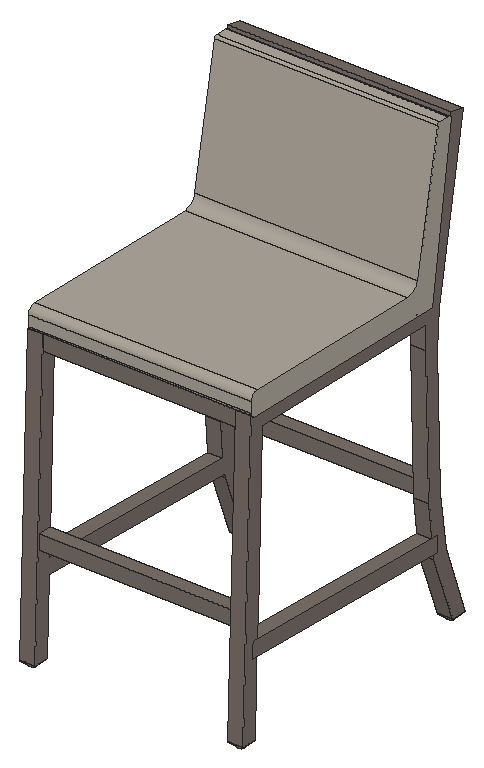
Revit family "FU_Stool_Sandler_Woodlook_4-4", category Furniture, Revit 2020
Family settings
  OmniClass Number = 23.40.20.00
  OmniClass Title = General Furniture and Specialties
  Work Plane-Based = No
  Always vertical = Yes
  Cut with Voids When Loaded = No
  Shared = No
  Room Calculation Point = No
Parameters (values of type "Woodlook 4.4")
  Woodlook = Woodlook - 24A Walnut
  Width = 450 mm
  Upholstery = Woodlook Vinyl - Pumice
  URL = "https://www.sandlerseating.com/product/woodlook-4-4/"
  Model = "Woodlook 4.4"
  Manufacturer = "Sandler"
  Height = 930 mm
  Description = "Woodlook Counter stool with frame manufactured entirely from aluminum but with realistic appearance of wood. Highly durable and scratch resistant."
  Depth = 560 mm
  Default Elevation = 0 mm
Reference planes
  plane 1 "Center (Front/Back)": y = 0
  plane 2: z = 0
  plane 3 "Center (Left/Right)": x = 0
  plane 4 "Right": x = -225
  plane 5 "Left": x = 225
  plane 6 "Back": y = 280
  plane 7 "Front": y = -280
  plane 8 "Height": z = 930
  plane 9 "Seat Frame Height": z = 602
  plane 10 "Back Stretcher Top": z = 282
  plane 11 "Front Stretcher Top": z = 246.018
  plane 12 "Glide Height": z = 9.736
  plane 13 "Front Seat Frame Edge": y = -260
  plane 14 "Side Stretcher Top": z = 190.447
Forms (mm)
  Blend 1, solid, material "Woodlook - 24A Walnut" <- "Woodlook"
    base sketch origin (0, 0, 602) x (-1, 0, 0) y (0, -1, 0)
      loop
        line (225, 280) -> (195, 280) -> (195, 250) -> (225, 250) -> (225, 280)
    top sketch origin (0, 0, 602) x (-1, 0, 0) y (0, -1, 0)
      loop
        line (225, 260) -> (195, 260) -> (195, 230) -> (225, 230) -> (225, 260)
    from -592.264 to 0
  Blend 2, solid, material "Woodlook - 24A Walnut" <- "Woodlook"
    base sketch origin (0, 0, 602) x (1, 0, 0) y (0, 1, 0)
      loop
        line (225, -280) -> (225, -250) -> (195, -250) -> (195, -280) -> (225, -280)
    top sketch origin (0, 0, 602) x (1, 0, 0) y (0, 1, 0)
      loop
        line (225, -260) -> (225, -230) -> (195, -230) -> (195, -260) -> (225, -260)
    from -592.264 to 0
  Extrusion 3, solid, material "Woodlook - 24A Walnut" <- "Woodlook"
    sketch origin (0, 0, 602) x (-1, 0, 0) y (0, -1, 0)
      loop
        line (225, 260) -> (-224.942, 260) -> (-224.942, -215) -> (225, -215) -> (225, 260)
      loop
        line (195, 230) -> (-194.942, 230) -> (-194.942, -185) -> (195, -185) -> (195, 230)
    from 0 to -30
  Extrusion 4, solid, material "Woodlook - 24A Walnut" <- "Woodlook"
    sketch origin (225, 0, 0) x (0, -1, 0) y (0, 0, 1)
      loop
        line (-245.74, 930) -> (-274.965, 924.722) -> (-219.249, 616.207)
        arc (-219.249, 616.207) -> (-212.866, 566.705) -> (-211.501, 516.811) r 495
        line (-211.501, 516.811) -> (-219.023, 249.925)
        arc (-219.023, 249.925) -> (-222.99, 197.135) -> (-232.408, 145.04) r 510
        line (-232.408, 145.04) -> (-280.895, 9.736) -> (-250.119, 9.736) -> (-203.264, 138.096)
        arc (-203.264, 138.096) -> (-193.569, 191.723) -> (-189.485, 246.067) r 525
        line (-189.485, 246.067) -> (-181.659, 526.095)
        arc (-181.659, 526.095) -> (-182.845, 569.437) -> (-188.39, 612.44) r 430
        line (-188.39, 612.44) -> (-245.74, 930)
    from 0 to 30
  Extrusion 5, solid, material "Woodlook - 24A Walnut" <- "Woodlook"
    sketch origin (-225, 0, 0) x (0, -1, 0) y (0, 0, -1)
      loop
        line (-245.74, -930) -> (-188.39, -612.44)
        arc (-188.39, -612.44) -> (-182.845, -569.437) -> (-181.659, -526.095) r 430
        line (-181.659, -526.095) -> (-189.485, -246.067)
        arc (-189.485, -246.067) -> (-193.569, -191.723) -> (-203.264, -138.096) r 525
        line (-203.264, -138.096) -> (-250.119, -9.736) -> (-280.895, -9.736) -> (-232.408, -145.04)
        arc (-232.408, -145.04) -> (-222.99, -197.135) -> (-219.023, -249.925) r 510
        line (-219.023, -249.925) -> (-211.501, -516.811)
        arc (-211.501, -516.811) -> (-212.866, -566.705) -> (-219.249, -616.207) r 495
        line (-219.249, -616.207) -> (-274.965, -924.722) -> (-245.74, -930)
    from 0 to 30
  Extrusion 6, solid, material "Woodlook - 24A Walnut" <- "Woodlook"
    sketch origin (225, 0, 0) x (0, -1, 0) y (0, 0, 1)
      loop
        line (-245.74, 930) -> (-274.965, 924.722) -> (-269.634, 895.2) -> (-240.408, 900.478) -> (-245.74, 930)
    from 0 to 450
  Extrusion 7, solid, material "Woodlook - 24A Walnut" <- "Woodlook"
    sketch origin (-225, 0, -71.051) x (0, -1, 0) y (0, 0, -1)
      loop
        line (253.872, -261.498) -> (253.872, -231.447) -> (-210.947, -218.463) -> (-210.947, -248.515) -> (253.872, -261.498)
    from 0 to 30
  Extrusion 8, solid, material "Woodlook - 24A Walnut" <- "Woodlook"
    sketch origin (225, 0, 0) x (0, -1, 0) y (0, 0, 1)
      loop
        line (-217.783, 282) -> (-217.783, 252) -> (-189.783, 252) -> (-189.783, 282) -> (-217.783, 282)
    from 0 to 450
  Extrusion 9, solid, material "Woodlook - 24A Walnut" <- "Woodlook"
    sketch origin (225, 0, 0) x (0, -1, 0) y (0, 0, 1)
      loop
        line (270.715, 246.018) -> (242.715, 246.018) -> (242.715, 216.018) -> (270.715, 216.018) -> (270.715, 246.018)
    from 0 to 450
  Extrusion 10, solid, material "Woodlook - 24A Walnut" <- "Woodlook"
    sketch origin (0, 0, 602) x (-1, 0, 0) y (0, -1, 0)
      loop
        line (196, 12.284) -> (196, 32.617) -> (-196, 32.617) -> (-196, 12.284) -> (196, 12.284)
    from -30 to -10
  Extrusion 11, solid, material "Woodlook - 24A Walnut" <- "Woodlook"
    sketch origin (225, 0, 0) x (0, -1, 0) y (0, 0, 1)
      loop
        line (253.872, 190.447) -> (-210.947, 177.464) -> (-210.947, 147.412) -> (253.872, 160.396) -> (253.872, 190.447)
    from 0 to 30
  Blend 12, solid, material "Rubber, Black"
    base sketch origin (0, 0, 9.736) x (-1, 0, 0) y (0, -1, 0)
      loop
        line (225, -280.895) -> (225, -250.119) -> (195, -250.119) -> (195, -280.895) -> (225, -280.895)
    top sketch origin (0, 0, 9.736) x (-1, 0, 0) y (0, -1, 0)
      loop
        arc (213.753, -268.998) -> (215.317, -265.512) -> (213.962, -261.939) r 5
        arc (213.962, -261.939) -> (210.385, -260.364) -> (206.768, -261.844) r 5
        arc (206.768, -261.844) -> (205.322, -265.186) -> (206.527, -268.622) r 5
        arc (206.527, -268.622) -> (210.059, -270.357) -> (213.753, -268.998) r 5
    from 0 to -9.736
  Blend 13, solid, material "Rubber, Black"
    base sketch origin (0, 0, 9.736) x (1, 0, 0) y (0, 1, 0)
      loop
        line (225, 280.895) -> (195, 280.895) -> (195, 250.119) -> (225, 250.119) -> (225, 280.895)
    top sketch origin (0, 0, 9.736) x (1, 0, 0) y (0, 1, 0)
      loop
        arc (213.753, 268.998) -> (210.059, 270.357) -> (206.527, 268.622) r 5
        arc (206.527, 268.622) -> (205.322, 265.186) -> (206.768, 261.844) r 5
        arc (206.768, 261.844) -> (210.385, 260.364) -> (213.962, 261.939) r 5
        arc (213.962, 261.939) -> (215.317, 265.512) -> (213.753, 268.998) r 5
    from 0 to -9.736
  Blend 14, solid, material "Rubber, Black"
    base sketch origin (0, 0.895, 9.736) x (1, 0, 0) y (0, 1, 0)
      loop
        line (225, -280.895) -> (225, -250.119) -> (195, -250.119) -> (195, -280.895) -> (225, -280.895)
    top sketch origin (0, 0.895, 9.736) x (1, 0, 0) y (0, 1, 0)
      loop
        arc (213.753, -268.998) -> (215.317, -265.512) -> (213.962, -261.939) r 5
        arc (213.962, -261.939) -> (210.385, -260.364) -> (206.768, -261.844) r 5
        arc (206.768, -261.844) -> (205.322, -265.186) -> (206.527, -268.622) r 5
        arc (206.527, -268.622) -> (210.059, -270.357) -> (213.753, -268.998) r 5
    from 0 to -9.736
  Blend 15, solid, material "Rubber, Black"
    base sketch origin (0, 0.895, 9.736) x (-1, 0, 0) y (0, -1, 0)
      loop
        line (225, 280.895) -> (195, 280.895) -> (195, 250.119) -> (225, 250.119) -> (225, 280.895)
    top sketch origin (0, 0.895, 9.736) x (-1, 0, 0) y (0, -1, 0)
      loop
        arc (213.753, 268.998) -> (210.059, 270.357) -> (206.527, 268.622) r 5
        arc (206.527, 268.622) -> (205.322, 265.186) -> (206.768, 261.844) r 5
        arc (206.768, 261.844) -> (210.385, 260.364) -> (213.962, 261.939) r 5
        arc (213.962, 261.939) -> (215.317, 265.512) -> (213.753, 268.998) r 5
    from 0 to -9.736
Cuts and joins
  joined: Blend 1, Blend 2, Extrusion 3, Extrusion 4, Extrusion 5, Extrusion 6, Extrusion 7, Extrusion 8, Extrusion 9, Extrusion 10
Dimensions and locks
  equal spacing: plane 4 "Right", plane 3 "Center (Left/Right)", plane 5 "Left"
  "Width": plane 4 "Right" to plane 5 "Left"
  equal spacing: plane 6 "Back", plane 1 "Center (Front/Back)", plane 7 "Front"
  "Depth": plane 6 "Back" to plane 7 "Front"
  "Height": plane 8 "Height" to level
  locked: plane 8 "Height" to plane 9 "Seat Frame Height" at 328
  plane 10 "Back Stretcher Top" to plane 11 "Front Stretcher Top" to plane 14 "Side Stretcher Top" = 35.982 mm locked, 55.57 mm locked
  plane 10 "Back Stretcher Top" to level = 282 mm
  aligned and locked: level to plane 2
  aligned and locked: Blend 1 to plane 12 "Glide Height"
  aligned and locked: plane 9 "Seat Frame Height" to Blend 1
  aligned and locked: Extrusion 3 to plane 9 "Seat Frame Height"  (x2)
  aligned and locked: Blend 2 to plane 12 "Glide Height"
  aligned and locked: plane 9 "Seat Frame Height" to Blend 2
  aligned and locked: Blend 1 to plane 9 "Seat Frame Height"
  aligned and locked: Extrusion 4 to plane 5 "Left"
  aligned and locked: plane 4 "Right" to Blend 1
  aligned and locked: plane 4 "Right" to Extrusion 5
  aligned and locked: plane 5 "Left" to Extrusion 4
  aligned and locked: Blend 2 to plane 5 "Left"
  aligned and locked: Extrusion 6 to plane 5 "Left"
  aligned and locked: plane 4 "Right" to Extrusion 6
  aligned and locked: plane 4 "Right" to Extrusion 7
  aligned and locked: plane 14 "Side Stretcher Top" to Extrusion 7
  aligned and locked: plane 10 "Back Stretcher Top" to Extrusion 8
  aligned and locked: plane 11 "Front Stretcher Top" to Extrusion 9
  aligned and locked: plane 4 "Right" to Extrusion 8
  aligned and locked: plane 4 "Right" to Extrusion 9
  aligned and locked: Extrusion 9 to plane 5 "Left"
  aligned and locked: Extrusion 8 to plane 5 "Left"
Automatic sketch dimensions
  Blend 1 sketch curve to plane 7 "Front" = 0 mm
  Blend 1 sketch curve to plane 4 "Right" = 0 mm  (x2)
  Blend 1 sketch curve to plane 13 "Front Seat Frame Edge" = 10 mm
  Blend 1 sketch curve to plane 4 "Right" = 30 mm  (x2)
  plane 13 "Front Seat Frame Edge" to Blend 1 sketch curve = 0 mm
  Blend 1 sketch curve to Blend 1 sketch curve = 30 mm
  Blend 2 sketch curve to plane 7 "Front" = 0 mm
  Blend 2 sketch curve to plane 5 "Left" = 0 mm  (x2)
  plane 13 "Front Seat Frame Edge" to Blend 2 sketch curve = 10 mm
  Blend 2 sketch curve to plane 5 "Left" = 30 mm  (x2)
  plane 13 "Front Seat Frame Edge" to Blend 2 sketch curve = 0 mm
  Blend 2 sketch curve to Blend 2 sketch curve = 30 mm
  plane 13 "Front Seat Frame Edge" to Extrusion 3 sketch curve = 0 mm
  Extrusion 3 sketch curve to plane 4 "Right" = 0 mm
  Extrusion 3 sketch curve to plane 4 "Right" = 30 mm
  plane 5 "Left" to Extrusion 3 sketch curve = 30.058 mm
  plane 5 "Left" to Extrusion 3 sketch curve = 0.058 mm
  Extrusion 3 sketch curve to plane 13 "Front Seat Frame Edge" = 30 mm
  Extrusion 3 sketch curve to plane 6 "Back" = 95 mm
  Extrusion 3 sketch curve to Extrusion 3 sketch curve = 30 mm
  Extrusion 4 sketch curve to plane 12 "Glide Height" = 0 mm
  Extrusion 4 sketch curve to plane 8 "Height" = 0 mm
  plane 11 "Front Stretcher Top" to Extrusion 4 sketch curve = 15.679 mm
  plane 6 "Back" to Extrusion 4 sketch curve = 448.887 mm
  Extrusion 4 sketch curve to Extrusion 4 sketch curve = 14.542 mm
  Extrusion 4 sketch curve to plane 9 "Seat Frame Height" = 73.765 mm
  Extrusion 4 sketch curve to Extrusion 4 sketch curve = 22.518 mm
  Extrusion 4 sketch curve to Extrusion 4 sketch curve = 94.824 mm
  plane 6 "Back" to Extrusion 4 sketch curve = 0.895 mm
  Extrusion 4 sketch curve to plane 6 "Back" = 5.035 mm
  Extrusion 4 sketch curve to plane 6 "Back" = 29.881 mm
  Extrusion 4 sketch curve to Extrusion 4 sketch curve = 29.225 mm
  Extrusion 4 sketch curve to plane 6 "Back" = 47.592 mm
  plane 9 "Seat Frame Height" to Extrusion 4 sketch curve = 14.207 mm
  Extrusion 4 sketch curve to plane 6 "Back" = 60.751 mm
  plane 11 "Front Stretcher Top" to Extrusion 4 sketch curve = 3.908 mm
  Extrusion 4 sketch curve to Extrusion 4 sketch curve = 13.385 mm
  Extrusion 4 sketch curve to plane 6 "Back" = 68.499 mm
  Extrusion 4 sketch curve to Extrusion 4 sketch curve = 29.144 mm
  plane 11 "Front Stretcher Top" to Extrusion 4 sketch curve = 0.049 mm
  Extrusion 4 sketch curve to Extrusion 4 sketch curve = 29.538 mm
  plane 9 "Seat Frame Height" to Extrusion 4 sketch curve = 10.44 mm
  Extrusion 4 sketch curve to plane 9 "Seat Frame Height" = 75.905 mm
  Extrusion 4 sketch curve to Extrusion 4 sketch curve = 29.841 mm
  Extrusion 4 sketch curve to Extrusion 4 sketch curve = 6.944 mm
  Extrusion 5 sketch curve to plane 12 "Glide Height" = 0 mm
  Extrusion 5 sketch curve to plane 8 "Height" = 0 mm
  plane 11 "Front Stretcher Top" to Extrusion 5 sketch curve = 15.679 mm
  plane 6 "Back" to Extrusion 5 sketch curve = 448.887 mm
  Extrusion 5 sketch curve to Extrusion 5 sketch curve = 14.542 mm
  Extrusion 5 sketch curve to plane 9 "Seat Frame Height" = 73.765 mm
  Extrusion 5 sketch curve to Extrusion 5 sketch curve = 22.518 mm
  Extrusion 5 sketch curve to Extrusion 5 sketch curve = 94.824 mm
  plane 6 "Back" to Extrusion 5 sketch curve = 0.895 mm
  Extrusion 5 sketch curve to plane 6 "Back" = 5.035 mm
  Extrusion 5 sketch curve to plane 6 "Back" = 29.881 mm
  Extrusion 5 sketch curve to Extrusion 5 sketch curve = 29.225 mm
  Extrusion 5 sketch curve to plane 6 "Back" = 47.592 mm
  plane 9 "Seat Frame Height" to Extrusion 5 sketch curve = 14.207 mm
  Extrusion 5 sketch curve to plane 6 "Back" = 60.751 mm
  plane 11 "Front Stretcher Top" to Extrusion 5 sketch curve = 3.908 mm
  Extrusion 5 sketch curve to Extrusion 5 sketch curve = 13.385 mm
  Extrusion 5 sketch curve to plane 6 "Back" = 68.499 mm
  Extrusion 5 sketch curve to Extrusion 5 sketch curve = 29.144 mm
  plane 11 "Front Stretcher Top" to Extrusion 5 sketch curve = 0.049 mm
  Extrusion 5 sketch curve to Extrusion 5 sketch curve = 29.538 mm
  plane 9 "Seat Frame Height" to Extrusion 5 sketch curve = 10.44 mm
  Extrusion 5 sketch curve to plane 9 "Seat Frame Height" = 75.905 mm
  Extrusion 5 sketch curve to Extrusion 5 sketch curve = 29.841 mm
  plane 11 "Front Stretcher Top" to Extrusion 5 sketch curve = 12.166 mm
  Extrusion 6 sketch curve to plane 8 "Height" = 0 mm
  Extrusion 6 sketch curve to plane 6 "Back" = 5.035 mm
  Extrusion 6 sketch curve to plane 6 "Back" = 10.366 mm
  Extrusion 6 sketch curve to Extrusion 6 sketch curve = 29.225 mm
  Extrusion 6 sketch curve to plane 8 "Height" = 5.278 mm
  Extrusion 7 sketch curve to plane 14 "Side Stretcher Top" = 0 mm
  Extrusion 7 sketch curve to plane 14 "Side Stretcher Top" = 12.984 mm
  Extrusion 7 sketch curve to plane 6 "Back" = 69.053 mm
  Extrusion 7 sketch curve to plane 13 "Front Seat Frame Edge" = 6.128 mm
  Extrusion 7 sketch curve to Extrusion 7 sketch curve = 30.051 mm  (x2)
  Extrusion 8 sketch curve to plane 10 "Back Stretcher Top" = 0 mm
  plane 11 "Front Stretcher Top" to Extrusion 8 sketch curve = 5.982 mm
  Extrusion 8 sketch curve to plane 6 "Back" = 62.217 mm
  Extrusion 8 sketch curve to Extrusion 8 sketch curve = 28 mm
  Extrusion 9 sketch curve to plane 11 "Front Stretcher Top" = 0 mm
  Extrusion 9 sketch curve to plane 13 "Front Seat Frame Edge" = 17.285 mm
  plane 7 "Front" to Extrusion 9 sketch curve = 9.285 mm
  plane 14 "Side Stretcher Top" to Extrusion 9 sketch curve = 25.57 mm
  plane 1 "Center (Front/Back)" to Extrusion 10 sketch curve = 12.284 mm
  plane 5 "Left" to Extrusion 10 sketch curve = 29 mm
  Extrusion 10 sketch curve to plane 4 "Right" = 29 mm
  Extrusion 10 sketch curve to Extrusion 10 sketch curve = 20.333 mm
  Extrusion 11 sketch curve to plane 14 "Side Stretcher Top" = 0 mm
  Extrusion 11 sketch curve to plane 14 "Side Stretcher Top" = 12.984 mm
  Extrusion 11 sketch curve to plane 6 "Back" = 69.053 mm
  Extrusion 11 sketch curve to plane 13 "Front Seat Frame Edge" = 6.128 mm
  Extrusion 11 sketch curve to plane 14 "Side Stretcher Top" = 30.051 mm
  Extrusion 11 sketch curve to Extrusion 11 sketch curve = 30.051 mm
  Blend 12 sketch curve to plane 4 "Right" = 0 mm
  Blend 12 sketch curve to plane 4 "Right" = 30 mm
  plane 6 "Back" to Blend 12 sketch curve = 0.895 mm
  Blend 12 sketch curve to plane 6 "Back" = 29.881 mm
  Blend 12 sketch curve to Blend 12 sketch curve = 0 mm  (x12)
  Blend 12 sketch curve to plane 4 "Right" = 14.681 mm
  Blend 12 sketch curve to plane 6 "Back" = 14.636 mm
  Blend 12 sketch curve to Blend 12 sketch curve = 3.551 mm
  Blend 12 sketch curve to Blend 12 sketch curve = 3.793 mm
  Blend 12 sketch curve to Blend 12 sketch curve = 3.434 mm
  Blend 12 sketch curve to Blend 12 sketch curve = 3.643 mm
  Blend 12 sketch curve to Blend 12 sketch curve = 3.258 mm
  Blend 13 sketch curve to plane 5 "Left" = 0 mm
  Blend 13 sketch curve to plane 5 "Left" = 30 mm
  Blend 13 sketch curve to plane 6 "Back" = 0.895 mm
  plane 6 "Back" to Blend 13 sketch curve = 29.881 mm
  Blend 13 sketch curve to Blend 13 sketch curve = 0 mm  (x12)
  Blend 13 sketch curve to plane 5 "Left" = 14.681 mm
  plane 6 "Back" to Blend 13 sketch curve = 14.636 mm
  Blend 13 sketch curve to Blend 13 sketch curve = 3.551 mm
  Blend 13 sketch curve to Blend 13 sketch curve = 3.793 mm
  Blend 13 sketch curve to Blend 13 sketch curve = 3.434 mm
  Blend 13 sketch curve to Blend 13 sketch curve = 3.643 mm
  Blend 13 sketch curve to Blend 13 sketch curve = 3.258 mm
  Blend 14 sketch curve to plane 7 "Front" = 0 mm
  Blend 14 sketch curve to plane 5 "Left" = 0 mm
  Blend 14 sketch curve to plane 13 "Front Seat Frame Edge" = 10.776 mm
  plane 5 "Left" to Blend 14 sketch curve = 30 mm
  Blend 14 sketch curve to Blend 14 sketch curve = 0 mm  (x12)
  plane 13 "Front Seat Frame Edge" to Blend 14 sketch curve = 4.469 mm
  plane 5 "Left" to Blend 14 sketch curve = 14.681 mm
  plane 13 "Front Seat Frame Edge" to Blend 14 sketch curve = 0.949 mm
  Blend 14 sketch curve to Blend 14 sketch curve = 3.551 mm
  Blend 14 sketch curve to Blend 14 sketch curve = 3.793 mm
  Blend 14 sketch curve to Blend 14 sketch curve = 3.434 mm
  plane 13 "Front Seat Frame Edge" to Blend 14 sketch curve = 1.044 mm
  Blend 15 sketch curve to plane 7 "Front" = 0 mm
  Blend 15 sketch curve to plane 4 "Right" = 0 mm
  plane 13 "Front Seat Frame Edge" to Blend 15 sketch curve = 10.776 mm
  plane 4 "Right" to Blend 15 sketch curve = 30 mm
  Blend 15 sketch curve to Blend 15 sketch curve = 0 mm  (x12)
  Blend 15 sketch curve to plane 13 "Front Seat Frame Edge" = 4.469 mm
  plane 4 "Right" to Blend 15 sketch curve = 14.681 mm
  Blend 15 sketch curve to plane 13 "Front Seat Frame Edge" = 0.949 mm
  Blend 15 sketch curve to Blend 15 sketch curve = 3.551 mm
  Blend 15 sketch curve to Blend 15 sketch curve = 3.793 mm
  Blend 15 sketch curve to Blend 15 sketch curve = 3.434 mm
  Blend 15 sketch curve to plane 13 "Front Seat Frame Edge" = 1.044 mm
Nested families
  nested 1: "BC-2A39_seat" at (0, 0, 596), Upholstery <- "Upholstery", type "BC-2A39_seat"
    with Upholstery Woodlook Vinyl - Pumice
Definition of nested family "BC-2A39_seat"
  Parameters (values of type "BC-2A39_seat")
    Width = 450 mm
    Upholstery [instance] = none
    Height = 328 mm
    Depth = 555 mm
    Default Elevation = 0 mm
  Reference planes
    plane 1 "Center (Front/Back)": y = 0
    plane 2: z = 0
    plane 3 "Center (Left/Right)": x = 0
    plane 4 "Right": x = -225
    plane 5 "Left": x = 225
    plane 6 "Back": y = 277.5
    plane 7 "Front": y = -277.5
    plane 8: z = 328
    plane 9: through (4267.2, 247.454, 327.693) normal (0, 0.989, -0.1478)
    plane 10: y = -257.5
  Forms (mm)
    Extrusion 1, solid, material <- "Upholstery"
      sketch origin (0, 0, -420.284) x (0, 1, 0) y (0, 0, 1)
        loop
          line (198.48, 420.284) -> (246.471, 741.397)
          arc (246.471, 741.397) -> (245.082, 746.2) -> (240.537, 748.284) r 6
          line (240.537, 748.284) -> (217.466, 748.284)
          arc (217.466, 748.284) -> (213.642, 746.907) -> (211.572, 743.409) r 6
          line (211.572, 743.409) -> (162.354, 485.697)
          arc (162.354, 485.697) -> (153.731, 471.123) -> (137.798, 465.387) r 25
          line (137.798, 465.387) -> (-242.5, 465.387)
          arc (-242.5, 465.387) -> (-253.107, 460.994) -> (-257.5, 450.387) r 15
          line (-257.5, 450.387) -> (-257.5, 428.284)
          arc (-257.5, 428.284) -> (-255.157, 422.627) -> (-249.5, 420.284) r 8
          line (-249.5, 420.284) -> (198.48, 420.284)
      from -225 to 225
  Dimensions and locks
    equal spacing: plane 4 "Right", plane 3 "Center (Left/Right)", plane 5 "Left"
    "Width": plane 4 "Right" to plane 5 "Left"
    equal spacing: plane 6 "Back", plane 1 "Center (Front/Back)", plane 7 "Front"
    "Depth": plane 6 "Back" to plane 7 "Front"
    "Height": plane 8 to level
    aligned and locked: level to plane 2
    aligned and locked: plane 4 "Right" to Extrusion 1
    aligned and locked: Extrusion 1 to plane 5 "Left"
  Automatic sketch dimensions
    Extrusion 1 sketch curve to plane 10 = 0 mm
    Extrusion 1 sketch curve to level = 0 mm
    plane 9 to Extrusion 1 sketch curve = 0 mm  (x2)
    Extrusion 1 sketch curve to plane 8 = 0 mm
    Extrusion 1 sketch curve to plane 10 = 8 mm
    Extrusion 1 sketch curve to Extrusion 1 sketch curve = 15 mm
    Extrusion 1 sketch curve to Extrusion 1 sketch curve = 60.682 mm
    level to Extrusion 1 sketch curve = 65.414 mm
    Extrusion 1 sketch curve to Extrusion 1 sketch curve = 24.556 mm
    Extrusion 1 sketch curve to plane 8 = 4.874 mm
    Extrusion 1 sketch curve to plane 6 "Back" = 65.928 mm
    Extrusion 1 sketch curve to plane 8 = 6 mm  (x2)
    Extrusion 1 sketch curve to plane 8 = 6.887 mm
    Extrusion 1 sketch curve to Extrusion 1 sketch curve = 22.104 mm
